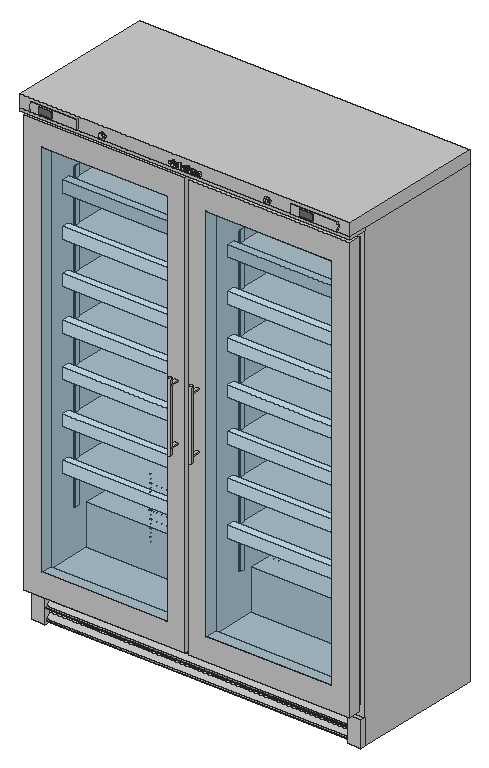
Revit family "QF_INFRICO_EVV200MX_250807093120", category Specialty Equipment, Revit 2021
Family settings
  Round Connector Dimension = Use Diameter
  Part Type = Normal
  OmniClass Number = 23.40.40.14
  OmniClass Title = Food Service Equipment
  Work Plane-Based = No
  Always vertical = Yes
  Cut with Voids When Loaded = No
  Shared = No
  Room Calculation Point = No
Parameters (values of type "EVV200MX")
  Weight [instance] = 259.999 kg
  Warranty Start Date [instance] = ""
  Warranty Duration [instance] = ""
  Volts [instance] = 230 V
  Volt Free Conn [instance] = no
  URL Recommended Spares List [instance] = ""
  URL Manufacturer [instance] = ""
  URL Cutsheet [instance] = ""
  URL Critical Spares List [instance] = ""
  URL = "www.infrico.com"
  Technical Documentation [instance] = ""
  Tag Number [instance] = ""
  Status [instance] = ""
  Start Up Current [instance] = 0 A
  Specification by User [instance] = ""
  Specification by Manufacturer [instance] = ""
  Sound Level [instance] = ""
  Show Logo [instance] = yes
  Show Clearances [instance] = yes
  Service Life Duration [instance] = ""
  Serial Number [instance] = ""
  Seismic Rating [instance] = ""
  SMACNA No [instance] = ""
  Revision Code [instance] = ""
  Revision [instance] = ""
  Production Year [instance] = ""
  Potential Equalisation [instance] = no
  Point Load [instance] = 0
  Phase [instance] = 1
  Other Equipment Approvals [instance] = ""
  Operational Current [instance] = 0 A
  Number of Poles [instance] = 2
  No Load Power Draw [instance] = no
  NAFEM Spec ID Number [instance] = ""
  Model Warning [instance] = ""
  Model = "EVV200MX"
  Min Ckt Ampacity [instance] = 0 A
  Max Overcurrent Protection [instance] = 0 A
  Masterspec [instance] = ""
  Manufacturer = "INFRICO"
  Main switch integrated [instance] = no
  Length Actual [instance] = 1313.942 mm
  Item Number [instance] = ""
  Installed By [instance] = ""
  Installation Date [instance] = ""
  Identify Quantity as Lot [instance] = no
  ID [instance] = ""
  Hygiene Approval [instance] = ""
  Height Actual [instance] = 1917.954 mm
  HP power [instance] = ""
  Furnished By [instance] = ""
  Foodservice Equipment Identifier [instance] = no
  FL Amps [instance] = 0 A
  Electrical Remarks [instance] = ""
  Electric power [instance] = 720 W
  Electric Connection Type [instance] = ""
  Elec Conn RI Height [instance] = 0 mm
  Elec Conn Connection Height [instance] = 0 mm
  ETL Approved [instance] = no
  Description = "WOODEN WINE CELLAR - TWO DOORS - R290"
  Depth Actual [instance] = 595.884 mm
  Default Elevation = 0 mm
  Cycle [instance] = 50 Hz
  Cost = 0
  Connection to energy optimisation system [instance] = yes
  Conn Plug [instance] = ""
  Conn Conduit [instance] = no
  Centralized building control system with digital interface [instance] = ""
  CSI MasterFormat [instance] = ""
  CE Approved [instance] = no
  Barcode [instance] = 0
  Author [instance] = ""
  Asset Identifier [instance] = ""
  Apparent Power [instance] = 720 VA
  Accessory [instance] = no
Reference planes
  plane 1 "Center (Front/Back)": y = 0
  plane 2: z = 0
  plane 3 "Center (Left/Right)": x = 0
Forms (mm)
  Extrusion 1, solid, not visible
    sketch origin (1272.062, -100.005, 320.016) x (1, 0, 0) y (0, 1, 0)
      loop
        line (-2, 2) -> (-2, -2) -> (2, -2) -> (2, 2) -> (-2, 2)
    from -2 to 2
Dimensions and locks
  locked: nested 2 to Extrusion 1 at 2  (x2)
  aligned and locked: level to plane 2
Nested families
  nested 1: "QF_INFRICO_EVV200MX_2920" at (0, 0, 0), type "EVV200MX"
    with Weight 259.999 kg, Warranty Start Date "", Warranty Duration "", URL Cutsheet "", Technical Documentation "", Tag Number "", Status "", Specification by User "", Specification by Manufacturer "", Sound Level "", Solid Fuel Type "", Show Logo yes, Show Clearances yes, Show Clearance yes, Service Life Duration "", Serial Number "", Seismic Rating "", SMACNA No "", Revision Code "", Revision "", Production Year "", Point Load 0, Other Equipment Approvals "", NAFEM Spec ID Number "", Model Warning "", Masterspec "", Length Actual 1313.942 mm, Item Number "", Installed By "", Installation Date "", Identify Quantity as Lot yes, ID "", Hygiene Approval "", Height Actual 1917.954 mm, Furnished By "", Foodservice Equipment Identifier yes, Finish none, ETL Approved yes, Depth Actual 595.884 mm, CSI MasterFormat "", CE Approved no, Barcode "", Author "", Asset Identifier "", Accessory no
  nested 2: "CONN_POINT_ELE_2D___Generic_Annotation" at (1272.062, -100.005, 318.016), type "CONN_POINT_ELE_2D___Generic_Annotation"
    with Onboard connection annotation symbol visibility yes
Connectors
  electrical at (1272.062, -100.005, 318.016), driven by "Apparent Power", driven by "Number of Poles", driven by "Volts"
    settings: on Extrusion 1, index 1, voltage 230 V, apparent load 0 VA, apparent load phase1 720 VA, apparent load phase2 0 VA, apparent load phase3 0 VA, power factor 1, load classification "Other", number of poles 2, system type 31, power factor state 1, is connector primary yes, connector utility no, sub classification motor no, connector description "Electrical connection for EVV200MX"
Definition of nested family "QF_INFRICO_EVV200MX_2920"
  Parameters (values of type "EVV200MX")
    Weight [instance] = 0.00 kg
    Warranty Start Date [instance] = ""
    Warranty Duration [instance] = ""
    URL Cutsheet [instance] = ""
    URL = "www.infrico.com"
    Technical Documentation [instance] = ""
    Tag Number [instance] = ""
    Status [instance] = ""
    Specification by User [instance] = ""
    Specification by Manufacturer [instance] = ""
    Sound Level [instance] = ""
    Solid Fuel Type [instance] = ""
    Show Logo [instance] = yes
    Show Clearances [instance] = yes
    Show Clearance [instance] = yes
    Service Life Duration [instance] = ""
    Serial Number [instance] = ""
    Seismic Rating [instance] = ""
    SMACNA No [instance] = ""
    Revision Code [instance] = ""
    Revision [instance] = ""
    Production Year [instance] = ""
    Point Load [instance] = 0
    Other Equipment Approvals [instance] = ""
    NAFEM Spec ID Number [instance] = ""
    Model Warning [instance] = ""
    Model = "EVV200MX"
    Masterspec [instance] = ""
    Manufacturer = "INFRICO"
    Length Actual [instance] = 0 mm
    Item Number [instance] = ""
    Installed By [instance] = ""
    Installation Date [instance] = ""
    Identify Quantity as Lot [instance] = yes
    ID [instance] = ""
    Hygiene Approval [instance] = ""
    Height Actual [instance] = 0 mm
    Furnished By [instance] = ""
    Foodservice Equipment Identifier [instance] = yes
    Finish [instance] = none
    ETL Approved [instance] = yes
    Description = "WOODEN WINE CELLAR - TWO DOORS - R290"
    Depth Actual [instance] = 0 mm
    Default Elevation = 0 mm
    CSI MasterFormat [instance] = ""
    CE Approved [instance] = yes
    Barcode [instance] = ""
    Author [instance] = ""
    Asset Identifier [instance] = ""
    Assembly Code = "E1090320"
    Accessory [instance] = yes
  Reference planes
    plane 1 "Back": y = 0
    plane 2: z = 0
    plane 3 "Left": x = 0
    plane 4 "Right": x = 1314
    plane 5 "Front": y = -596
    plane 6 "Top": z = 1918
  Forms (mm)
    Extrusion 1, solid, material <- "Finish"
      sketch origin (0, 0, 1868) x (1, 0, 0) y (0, 1, 0)
        loop
          line (0, 0) -> (0, -596) -> (1314, -596) -> (1314, 0) -> (0, 0)
      from 0 to 50
    Extrusion 2, solid, material <- "Finish"
      sketch origin (0, 0, 0) x (0, 1, 0) y (0, 0, 1)
        loop
          line (0, 1868) -> (-520, 1868) -> (-520, 18) -> (0, 18) -> (0, 1868)
      from 0 to 40
    Extrusion 3, solid, material <- "Finish"
      sketch origin (1274, 0, 0) x (0, 1, 0) y (0, 0, 1)
        loop
          line (0, 1868) -> (-520, 1868) -> (-520, 18) -> (0, 18) -> (0, 1868)
      from 0 to 40
    Extrusion 4, solid, material <- "Finish"
      sketch origin (0, 0, 0) x (0, 1, 0) y (0, 0, 1)
        loop
          line (-520, 1868) -> (-596, 1868) -> (-596, 1858) -> (-520, 1858) -> (-520, 1868)
      from 0 to 1314
    Extrusion 5, solid, material <- "Finish"
      sketch origin (0, 0, 0) x (0, 1, 0) y (0, 0, 1)
        loop
          line (0, 1868) -> (-19, 1868) -> (-19, 337) -> (-311, 337) -> (-311, 136) -> (-492, 136) -> (-492, 117) -> (-292, 117) -> (-292, 318) -> (0, 318) -> (0, 1868)
      from 40 to 1274
    Extrusion 6, solid
      sketch origin (0, 0, 0) x (0, 1, 0) y (0, 0, 1)
        loop
          line (-103, 1801) -> (-103, 1651) -> (-83, 1611) -> (-83, 442) -> (-103, 402) -> (-103, 369) -> (-342, 369) -> (-342, 209) -> (-518, 209) -> (-518, 197) -> (-330, 197) -> (-330, 357) -> (-91, 357) -> (-91, 399.167) -> (-71, 439.167) -> (-71, 1613.833) -> (-91, 1653.833) -> (-91, 1813) -> (-518, 1813) -> (-518, 1801) -> (-103, 1801)
      from 40 to 1274
    Extrusion 7, solid, material <- "Finish"
      sketch origin (0, 0, 0) x (0, 1, 0) y (0, 0, 1)
        loop
          line (-520, 18) -> (-520, 118) -> (-540, 118) -> (-540, 18) -> (-520, 18)
      from 0 to 54
    Extrusion 8, solid, material <- "Finish"
      sketch origin (1260, 0, 0) x (0, 1, 0) y (0, 0, 1)
        loop
          line (-520, 18) -> (-520, 118) -> (-540, 118) -> (-540, 18) -> (-520, 18)
      from 0 to 54
    Extrusion 9, solid
      sketch origin (0, 0, 0) x (0, 1, 0) y (0, 0, 1)
        loop
          line (-519.636, 53.127) -> (-534, 36)
          arc (-534, 36) -> (-535.15, 32.35) -> (-533.382, 28.956) r 5
          line (-533.382, 28.956) -> (-528.785, 25.1)
          arc (-528.785, 25.1) -> (-525.135, 23.95) -> (-521.741, 25.718) r 5
          line (-521.741, 25.718) -> (-507.377, 42.845)
          arc (-507.377, 42.845) -> (-506.227, 46.495) -> (-507.995, 49.889) r 5
          line (-507.995, 49.889) -> (-512.592, 53.744)
          arc (-512.592, 53.744) -> (-516.242, 54.894) -> (-519.636, 53.127) r 5
        loop
          line (-519.636, 98.127) -> (-534, 81)
          arc (-534, 81) -> (-535.15, 77.35) -> (-533.382, 73.956) r 5
          line (-533.382, 73.956) -> (-528.785, 70.1)
          arc (-528.785, 70.1) -> (-525.135, 68.95) -> (-521.741, 70.718) r 5
          line (-521.741, 70.718) -> (-507.377, 87.845)
          arc (-507.377, 87.845) -> (-506.227, 91.495) -> (-507.995, 94.889) r 5
          line (-507.995, 94.889) -> (-512.592, 98.744)
          arc (-512.592, 98.744) -> (-516.242, 99.894) -> (-519.636, 98.127) r 5
      from 54 to 1260
    Extrusion 10, solid, material <- "Finish"
      sketch origin (0, -492, 0) x (1, 0, 0) y (0, 0, 1)
        loop
          line (54, 18) -> (54, 118) -> (40, 118) -> (40, 18) -> (54, 18)
      from 0 to 28
    Extrusion 11, solid, material <- "Finish"
      sketch origin (1220, -492, 0) x (1, 0, 0) y (0, 0, 1)
        loop
          line (54, 18) -> (54, 118) -> (40, 118) -> (40, 18) -> (54, 18)
      from 0 to 28
    Extrusion 12, solid, material <- "Finish"
      sketch origin (0, 0, 0) x (0, 1, 0) y (0, 0, 1)
        loop
          line (-520, 118) -> (-492, 118) -> (-492, 138) -> (-500, 138) -> (-500, 158) -> (-520, 158) -> (-520, 118)
      from 40 to 1274
    Extrusion 13, solid, material <- "Finish"
      sketch origin (0, 0, 1986) x (0, 1, 0) y (0, 0, 1)
        loop
          line (-520, -118) -> (-520, -158) -> (-500, -158) -> (-500, -138) -> (-492, -138) -> (-492, -118) -> (-520, -118)
      from 40 to 1274
    Extrusion 14, solid, material <- "Finish"
      sketch origin (664.5, -541, -77) x (1, 0, 0) y (0, 0, 1)
        loop
          line (0, 1918) -> (0, 222) -> (642, 222) -> (642, 1918) -> (0, 1918)
        loop
          line (572, 310) -> (572, 1830) -> (70, 1830) -> (70, 310) -> (572, 310)
      from 0 to 46
    Extrusion 15, solid
      sketch origin (1664.5, 0, 0) x (1, 0, 0) y (0, 0, 1)
        loop
          line (-988, 1829) -> (-988, 157) -> (-370, 157) -> (-370, 1829) -> (-988, 1829)
        loop
          line (-958, 1799) -> (-958, 187) -> (-400, 187) -> (-400, 1799) -> (-958, 1799)
      from 520 to 541
    Extrusion 16, solid
      sketch origin (1664.5, -17.233, 0) x (1, 0, 0) y (0, 0, 1)
        loop
          line (-930, 1753) -> (-930, 233) -> (-428, 233) -> (-428, 1753) -> (-930, 1753)
      from 567.767 to 569.767
    Extrusion 17, solid
      sketch origin (1813.697, -401.952, 528) x (1, 0, 0) y (0, 1, 0)
        loop
          line (-1748.697, 289.952) -> (-1748.697, -49.048) -> (-1221.697, -49.048) -> (-1221.697, 289.952) -> (-1748.697, 289.952)
      from 0 to 25
    Extrusion 18, solid
      sketch origin (1813.697, -401.952, 695) x (1, 0, 0) y (0, 1, 0)
        loop
          line (-1748.697, 289.952) -> (-1748.697, -49.048) -> (-1221.697, -49.048) -> (-1221.697, 289.952) -> (-1748.697, 289.952)
      from 0 to 25
    Extrusion 19, solid
      sketch origin (1813.697, -401.952, 862) x (1, 0, 0) y (0, 1, 0)
        loop
          line (-1748.697, 289.952) -> (-1748.697, -49.048) -> (-1221.697, -49.048) -> (-1221.697, 289.952) -> (-1748.697, 289.952)
      from 0 to 25
    Extrusion 20, solid
      sketch origin (1813.697, -401.952, 1029) x (1, 0, 0) y (0, 1, 0)
        loop
          line (-1748.697, 289.952) -> (-1748.697, -49.048) -> (-1221.697, -49.048) -> (-1221.697, 289.952) -> (-1748.697, 289.952)
      from 0 to 25
    Extrusion 21, solid
      sketch origin (1813.697, -401.952, 1196) x (1, 0, 0) y (0, 1, 0)
        loop
          line (-1748.697, 289.952) -> (-1748.697, -49.048) -> (-1221.697, -49.048) -> (-1221.697, 289.952) -> (-1748.697, 289.952)
      from 0 to 25
    Extrusion 22, solid
      sketch origin (1813.697, -401.952, 1363) x (1, 0, 0) y (0, 1, 0)
        loop
          line (-1748.697, 289.952) -> (-1748.697, -49.048) -> (-1221.697, -49.048) -> (-1221.697, 289.952) -> (-1748.697, 289.952)
      from 0 to 25
    Extrusion 23, solid
      sketch origin (1813.697, -401.952, 1530) x (1, 0, 0) y (0, 1, 0)
        loop
          line (-1748.697, 289.952) -> (-1748.697, -49.048) -> (-1221.697, -49.048) -> (-1221.697, 289.952) -> (-1748.697, 289.952)
      from 0 to 25
    Extrusion 24, solid
      sketch origin (-897.627, -174, 381) x (1, 0, 0) y (0, 1, 0)
        loop
          line (957.627, 0) -> (958.627, 0) -> (958.627, 1) -> (962.627, 3) -> (962.627, 18) -> (958.627, 20) -> (958.627, 21) -> (957.627, 21) -> (957.627, 19.382) -> (961.627, 17.382) -> (961.627, 3.618) -> (957.627, 1.618) -> (957.627, 0)
      from 0 to 1218
    Extrusion 25, solid
      sketch origin (-897.627, -404, 381) x (1, 0, 0) y (0, 1, 0)
        loop
          line (957.627, 0) -> (958.627, 0) -> (958.627, 1) -> (962.627, 3) -> (962.627, 18) -> (958.627, 20) -> (958.627, 21) -> (957.627, 21) -> (957.627, 19.382) -> (961.627, 17.382) -> (961.627, 3.618) -> (957.627, 1.618) -> (957.627, 0)
      from 0 to 1218
    Extrusion 26, solid
      sketch origin (1554.627, -174, 381) x (-1, 0, 0) y (0, -1, 0)
        loop
          line (957.627, 0) -> (957.627, -1.618) -> (961.627, -3.618) -> (961.627, -17.382) -> (957.627, -19.382) -> (957.627, -21) -> (958.627, -21) -> (958.627, -20) -> (962.627, -18) -> (962.627, -3) -> (958.627, -1) -> (958.627, 0) -> (957.627, 0)
      from 0 to 1218
    Extrusion 27, solid
      sketch origin (1554.627, -404, 381) x (-1, 0, 0) y (0, -1, 0)
        loop
          line (957.627, 0) -> (957.627, -1.618) -> (961.627, -3.618) -> (961.627, -17.382) -> (957.627, -19.382) -> (957.627, -21) -> (958.627, -21) -> (958.627, -20) -> (962.627, -18) -> (962.627, -3) -> (958.627, -1) -> (958.627, 0) -> (957.627, 0)
      from 0 to 1218
    Extrusion 28, solid
      sketch origin (20, 49, 691) x (0, 1, 0) y (0, 0, 1)
        loop
          line (-514, -118) -> (-514, -163) -> (-500, -163) -> (-500, -138) -> (-484, -138) -> (-484, -118) -> (-514, -118)
      from 40 to 577
    Extrusion 29, solid
      sketch origin (20, 49, 858) x (0, 1, 0) y (0, 0, 1)
        loop
          line (-514, -118) -> (-514, -163) -> (-500, -163) -> (-500, -138) -> (-484, -138) -> (-484, -118) -> (-514, -118)
      from 40 to 577
    Extrusion 30, solid
      sketch origin (20, 49, 1025) x (0, 1, 0) y (0, 0, 1)
        loop
          line (-514, -118) -> (-514, -163) -> (-500, -163) -> (-500, -138) -> (-484, -138) -> (-484, -118) -> (-514, -118)
      from 40 to 577
    Extrusion 31, solid
      sketch origin (20, 49, 1192) x (0, 1, 0) y (0, 0, 1)
        loop
          line (-514, -118) -> (-514, -163) -> (-500, -163) -> (-500, -138) -> (-484, -138) -> (-484, -118) -> (-514, -118)
      from 40 to 577
    Extrusion 32, solid
      sketch origin (20, 49, 1359) x (0, 1, 0) y (0, 0, 1)
        loop
          line (-514, -118) -> (-514, -163) -> (-500, -163) -> (-500, -138) -> (-484, -138) -> (-484, -118) -> (-514, -118)
      from 40 to 577
    Extrusion 33, solid
      sketch origin (20, 49, 1526) x (0, 1, 0) y (0, 0, 1)
        loop
          line (-514, -118) -> (-514, -163) -> (-500, -163) -> (-500, -138) -> (-484, -138) -> (-484, -118) -> (-514, -118)
      from 40 to 577
    Extrusion 34, solid
      sketch origin (25, 49, 1693) x (0, 1, 0) y (0, 0, 1)
        loop
          line (-514, -118) -> (-514, -163) -> (-500, -163) -> (-500, -138) -> (-484, -138) -> (-484, -118) -> (-514, -118)
      from 40 to 567
    Extrusion 35, solid
      sketch origin (1808.697, 0, 0) x (0, 1, 0) y (0, 0, 1)
        loop
          line (-119, 1221) -> (-119, 1271) -> (-131, 1271) -> (-152, 1221) -> (-119, 1221)
      from -1748.697 to -1211.697
    Extrusion 36, solid
      sketch origin (1808.697, 0, -167) x (0, 1, 0) y (0, 0, 1)
        loop
          line (-119, 1221) -> (-119, 1271) -> (-131, 1271) -> (-152, 1221) -> (-119, 1221)
      from -1748.697 to -1211.697
    Extrusion 37, solid
      sketch origin (657, 1000, 0) x (0, 1, 0) y (0, 0, 1)
        loop
          line (-1518, 1801) -> (-1518, 209) -> (-1342, 209) -> (-1342, 369) -> (-1103, 369) -> (-1103, 402) -> (-1083, 442) -> (-1083, 1611) -> (-1103, 1651) -> (-1103, 1801) -> (-1518, 1801)
      from 597 to 617
    Extrusion 38, solid
      sketch origin (-557, 1000, 0) x (0, 1, 0) y (0, 0, 1)
        loop
          line (-1518, 1801) -> (-1518, 209) -> (-1342, 209) -> (-1342, 369) -> (-1103, 369) -> (-1103, 402) -> (-1083, 442) -> (-1083, 1611) -> (-1103, 1651) -> (-1103, 1801) -> (-1518, 1801)
      from 597 to 617
    Extrusion 39, solid, material <- "Finish"
      sketch origin (0, 0, 0) x (0, 1, 0) y (0, 0, 1)
        loop
          line (0, 18) -> (0, 26) -> (-492, 26) -> (-492, 18) -> (0, 18)
      from 40 to 1274
    Extrusion 40, solid
      sketch origin (-20.5, -6, 26) x (1, 0, 0) y (0, 1, 0)
        loop
          circle (62.5, 0) r 2
        loop
          circle (1292.5, 0) r 2
        loop
          circle (308.5, 0) r 2
        loop
          circle (554.5, 0) r 2
        loop
          circle (800.5, 0) r 2
        loop
          circle (1046.5, 0) r 2
      from 0 to 292
    Extrusion 41, solid
      sketch origin (-20.5, 0, -18) x (0, 1, 0) y (0, 0, 1)
        loop
          circle (-2, 46) r 2
        loop
          circle (-3, 60) r 1
        loop
          circle (-3, 76) r 1
        loop
          circle (-3, 92) r 1
        loop
          circle (-3, 108) r 1
        loop
          circle (-3, 124) r 1
        loop
          circle (-3, 140) r 1
        loop
          circle (-3, 156) r 1
        loop
          circle (-3, 172) r 1
        loop
          circle (-3, 188) r 1
        loop
          circle (-3, 204) r 1
        loop
          circle (-3, 220) r 1
        loop
          circle (-3, 236) r 1
        loop
          circle (-3, 252) r 1
        loop
          circle (-3, 268) r 1
        loop
          circle (-3, 284) r 1
        loop
          circle (-3, 300) r 1
        loop
          circle (-3, 316) r 1
        loop
          circle (-2, 334) r 2
      from 60.5 to 1294.5
    Extrusion 42, solid, visible <- "Show Clearance", detail levels coarse
      sketch origin (657, 0, 0) x (1, 0, 0) y (0, 1, 0)
        loop
          arc (7.5, -587) -> (182.064, -1008.436) -> (603.5, -1183) r 596
          line (603.5, -1183) -> (649.5, -1183) -> (649.5, -587) -> (7.5, -587)
      from 145 to 1841
    Extrusion 43, solid, visible <- "Show Logo"
      sketch origin (-1140.318, -596, 1176.214) x (1, 0, 0) y (0, 0, 1)
        loop
          line (1780.869, 696.53) -> (1780.869, 719.204) -> (1776.243, 719.204) -> (1776.243, 696.53) -> (1780.869, 696.53)
        loop
          line (1786.849, 713.006) -> (1783.353, 713.006) -> (1783.353, 696.53) -> (1787.842, 696.53) -> (1787.842, 707.832)
          arc (1787.842, 707.832) -> (1789.598, 708.741) -> (1791.487, 709.324) r 11.052
          arc (1791.487, 709.324) -> (1792.999, 708.961) -> (1793.668, 707.557) r 1.806
          line (1793.668, 707.557) -> (1793.668, 696.53) -> (1798.191, 696.53) -> (1798.191, 708.689)
          arc (1798.191, 708.689) -> (1796.707, 712.075) -> (1793.211, 713.281) r 4.607
          arc (1793.211, 713.281) -> (1790.352, 712.674) -> (1787.74, 711.361) r 11.435
          line (1787.74, 711.361) -> (1787.671, 712.184)
          arc (1787.671, 712.184) -> (1787.43, 712.765) -> (1786.849, 713.006) r 0.822
        loop
          line (1810.627, 720.102) -> (1809.376, 720.102)
          arc (1809.376, 720.102) -> (1807.122, 719.926) -> (1804.951, 719.297) r 11.103
          arc (1804.951, 719.297) -> (1802.875, 717.616) -> (1802.094, 715.062) r 4.567
          line (1802.094, 715.062) -> (1802.094, 712.909) -> (1799.421, 712.703) -> (1799.421, 709.374) -> (1802.094, 709.374) -> (1802.094, 696.53) -> (1806.618, 696.53) -> (1806.618, 709.374) -> (1810.319, 709.374) -> (1810.319, 712.938) -> (1806.618, 712.938) -> (1806.618, 714.548)
          arc (1806.618, 714.548) -> (1807.026, 715.705) -> (1808.115, 716.271) r 1.67
          line (1808.115, 716.271) -> (1809.77, 716.399)
          arc (1809.77, 716.399) -> (1810.376, 716.65) -> (1810.627, 717.255) r 0.857
          line (1810.627, 717.255) -> (1810.627, 720.102)
        loop
          line (1811.549, 713.006) -> (1811.549, 696.53) -> (1816.038, 696.53) -> (1816.038, 707.352)
          arc (1816.038, 707.352) -> (1817.943, 708.631) -> (1820.147, 709.268) r 7.435
          line (1820.147, 709.268) -> (1821.311, 709.416)
          arc (1821.311, 709.416) -> (1821.713, 709.758) -> (1821.863, 710.265) r 0.928
          line (1821.863, 710.265) -> (1821.863, 712.458)
          arc (1821.863, 712.458) -> (1821.601, 713.061) -> (1820.982, 713.28) r 0.824
          arc (1820.982, 713.28) -> (1818.267, 712.588) -> (1815.969, 710.984) r 7.833
          line (1815.969, 710.984) -> (1815.796, 713.006) -> (1811.549, 713.006)
        loop
          line (1827.565, 696.53) -> (1827.565, 713.006) -> (1823.076, 713.006) -> (1823.076, 696.53) -> (1827.565, 696.53)
        loop
          arc (1829.491, 701.327) -> (1830.637, 698.188) -> (1833.536, 696.525) r 4.873
          arc (1833.536, 696.525) -> (1836.563, 696.266) -> (1839.591, 696.525) r 17.816
          arc (1839.591, 696.525) -> (1842.645, 699.134) -> (1843.575, 703.041) r 6.481
          line (1843.575, 703.041) -> (1839.257, 703.041) -> (1839.257, 701.67)
          arc (1839.257, 701.67) -> (1838.711, 700.452) -> (1837.512, 699.865) r 1.965
          arc (1837.512, 699.865) -> (1836.618, 699.816) -> (1835.723, 699.865) r 8.196
          arc (1835.723, 699.865) -> (1834.487, 700.415) -> (1833.98, 701.67) r 1.806
          line (1833.98, 701.67) -> (1833.98, 707.9)
          arc (1833.98, 707.9) -> (1834.487, 709.155) -> (1835.723, 709.705) r 1.806
          arc (1835.723, 709.705) -> (1836.618, 709.754) -> (1837.512, 709.705) r 8.196
          arc (1837.512, 709.705) -> (1838.711, 709.118) -> (1839.257, 707.9) r 1.965
          line (1839.257, 707.9) -> (1839.257, 706.838) -> (1843.575, 706.838)
          arc (1843.575, 706.838) -> (1842.594, 710.556) -> (1839.591, 712.959) r 6.132
          arc (1839.591, 712.959) -> (1836.563, 713.294) -> (1833.536, 712.959) r 13.851
          arc (1833.536, 712.959) -> (1830.641, 711.349) -> (1829.491, 708.243) r 4.772
          line (1829.491, 708.243) -> (1829.491, 701.327)
        loop
          arc (1844.987, 701.329) -> (1846.063, 698.345) -> (1848.796, 696.734) r 4.676
          arc (1848.796, 696.734) -> (1850.585, 696.455) -> (1852.388, 696.291) r 28.371
          arc (1852.388, 696.291) -> (1854.192, 696.455) -> (1855.981, 696.734) r 28.371
          arc (1855.981, 696.734) -> (1858.714, 698.345) -> (1859.79, 701.329) r 4.676
          line (1859.79, 701.329) -> (1859.79, 708.242)
          arc (1859.79, 708.242) -> (1858.714, 711.226) -> (1855.981, 712.837) r 4.676
          arc (1855.981, 712.837) -> (1854.192, 713.116) -> (1852.388, 713.28) r 28.371
          arc (1852.388, 713.28) -> (1850.585, 713.116) -> (1848.796, 712.837) r 28.371
          arc (1848.796, 712.837) -> (1846.063, 711.226) -> (1844.987, 708.242) r 4.676
          line (1844.987, 708.242) -> (1844.987, 701.329)
        loop
          line (1849.476, 707.866) -> (1849.476, 701.705)
          arc (1849.476, 701.705) -> (1849.914, 700.556) -> (1851.006, 699.991) r 1.725
          arc (1851.006, 699.991) -> (1851.697, 699.918) -> (1852.388, 699.856) r 46.133
          arc (1852.388, 699.856) -> (1853.08, 699.918) -> (1853.771, 699.991) r 46.133
          arc (1853.771, 699.991) -> (1854.863, 700.556) -> (1855.301, 701.705) r 1.725
          line (1855.301, 701.705) -> (1855.301, 707.866)
          arc (1855.301, 707.866) -> (1854.863, 709.015) -> (1853.771, 709.58) r 1.725
          arc (1853.771, 709.58) -> (1853.08, 709.653) -> (1852.388, 709.716) r 46.133
          arc (1852.388, 709.716) -> (1851.697, 709.653) -> (1851.006, 709.58) r 46.133
          arc (1851.006, 709.58) -> (1849.914, 709.015) -> (1849.476, 707.866) r 1.725
        loop
          arc (1762.409, 696.543) -> (1763.482, 696.987) -> (1763.926, 698.059) r 1.516
          line (1763.926, 698.059) -> (1763.926, 703.891) -> (1768.105, 703.891)
          arc (1768.105, 703.891) -> (1768.86, 704.121) -> (1769.288, 704.782) r 1.147
          line (1769.288, 704.782) -> (1769.288, 706.211)
          arc (1769.288, 706.211) -> (1768.857, 707.258) -> (1767.789, 707.634) r 1.385
          line (1767.789, 707.634) -> (1766.59, 707.634) -> (1769.288, 710.332)
          arc (1769.288, 710.332) -> (1769.675, 711.266) -> (1769.288, 712.2) r 1.321
          line (1769.288, 712.2) -> (1768.565, 712.923)
          arc (1768.565, 712.923) -> (1767.61, 713.338) -> (1766.628, 712.991) r 1.422
          line (1766.628, 712.991) -> (1763.923, 710.286) -> (1763.923, 711.479)
          arc (1763.923, 711.479) -> (1763.513, 712.516) -> (1762.505, 712.992) r 1.516
          line (1762.505, 712.992) -> (1761.584, 712.992)
          arc (1761.584, 712.992) -> (1760.581, 712.514) -> (1760.173, 711.479) r 1.516
          line (1760.173, 711.479) -> (1760.173, 706.83) -> (1754.143, 701.336) -> (1754.143, 707.509) -> (1757.709, 711.075)
          arc (1757.709, 711.075) -> (1758.123, 712.073) -> (1757.709, 713.071) r 1.412
          line (1757.709, 713.071) -> (1757.057, 713.723)
          arc (1757.057, 713.723) -> (1756.009, 714.141) -> (1754.985, 713.667) r 1.428
          line (1754.985, 713.667) -> (1754.143, 712.825) -> (1754.143, 717.784)
          arc (1754.143, 717.784) -> (1753.728, 718.787) -> (1752.725, 719.203) r 1.418
          line (1752.725, 719.203) -> (1751.796, 719.203)
          arc (1751.796, 719.203) -> (1750.793, 718.787) -> (1750.378, 717.784) r 1.418
          line (1750.378, 717.784) -> (1750.378, 712.825) -> (1749.536, 713.667)
          arc (1749.536, 713.667) -> (1748.512, 714.141) -> (1747.464, 713.723) r 1.428
          line (1747.464, 713.723) -> (1746.812, 713.071)
          arc (1746.812, 713.071) -> (1746.398, 712.073) -> (1746.812, 711.075) r 1.412
          line (1746.812, 711.075) -> (1750.378, 707.509) -> (1750.378, 701.336) -> (1744.348, 706.83) -> (1744.348, 711.479)
          arc (1744.348, 711.479) -> (1743.94, 712.514) -> (1742.937, 712.992) r 1.516
          line (1742.937, 712.992) -> (1742.016, 712.992)
          arc (1742.016, 712.992) -> (1741.008, 712.516) -> (1740.598, 711.479) r 1.516
          line (1740.598, 711.479) -> (1740.598, 710.286) -> (1737.893, 712.991)
          arc (1737.893, 712.991) -> (1736.911, 713.338) -> (1735.956, 712.923) r 1.422
          line (1735.956, 712.923) -> (1735.233, 712.2)
          arc (1735.233, 712.2) -> (1734.846, 711.266) -> (1735.233, 710.332) r 1.321
          line (1735.233, 710.332) -> (1737.931, 707.634) -> (1736.732, 707.634)
          arc (1736.732, 707.634) -> (1735.664, 707.258) -> (1735.233, 706.211) r 1.385
          line (1735.233, 706.211) -> (1735.233, 704.782)
          arc (1735.233, 704.782) -> (1735.662, 704.121) -> (1736.416, 703.891) r 1.147
          line (1736.416, 703.891) -> (1740.595, 703.891) -> (1740.595, 698.059)
          arc (1740.595, 698.059) -> (1741.04, 696.987) -> (1742.112, 696.543) r 1.516
          line (1742.112, 696.543) -> (1762.409, 696.543)
      from 0 to 2
    Revolve 44, solid
      sketch origin (328.5, 0, -42) x (0, 1, 0) y (0, 0, 1)
        loop
          line (-596, 1913) -> (-596, 1925) -> (-602, 1925) -> (-602, 1916.5) -> (-598.5, 1913) -> (-596, 1913)
        axis (-596, 1925) -> (-602, 1925)
      angle from 0 to 360
    Extrusion 45, solid
      sketch origin (427.5, -596, -11) x (1, 0, 0) y (0, 0, 1)
        loop
          arc (840, 1918) -> (748.5, 1919) -> (657, 1918) r 4186.625
          arc (657, 1918) -> (655.5, 1901) -> (657, 1884) r 97.083
          arc (657, 1884) -> (748.5, 1883) -> (840, 1884) r 4186.625
          arc (840, 1884) -> (841.5, 1901) -> (840, 1918) r 97.083
      from 0 to 6
    Extrusion 46, solid
      sketch origin (657, -600.1, 0) x (1, 0, 0) y (0, 0, 1)
        loop
          arc (461.5, 1902) -> (460.793, 1901.707) -> (460.5, 1901) r 1
          line (460.5, 1901) -> (460.5, 1879)
          arc (460.5, 1879) -> (460.793, 1878.293) -> (461.5, 1878) r 1
          line (461.5, 1878) -> (511.5, 1878)
          arc (511.5, 1878) -> (512.207, 1878.293) -> (512.5, 1879) r 1
          line (512.5, 1879) -> (512.5, 1901)
          arc (512.5, 1901) -> (512.207, 1901.707) -> (511.5, 1902) r 1
          line (511.5, 1902) -> (461.5, 1902)
      from 0 to 2
    Revolve 47, solid
      sketch origin (55, -75, 0) x (0, 1, 0) y (0, 0, 1)
        loop
          line (0, 0) -> (0, 18) -> (-8, 18) -> (-8, 16) -> (-5, 16) -> (-5, 10) -> (-13, 10)
          arc (-13, 10) -> (-14.414, 9.414) -> (-15, 8) r 2
          line (-15, 8) -> (-15, 3) -> (-12, 3) -> (-12, 0) -> (0, 0)
        axis (0, 0) -> (0, 18)
      angle from 0 to 360
    Revolve 48, solid
      sketch origin (55, -470, 0) x (0, 1, 0) y (0, 0, 1)
        loop
          line (0, 0) -> (0, 18) -> (-8, 18) -> (-8, 16) -> (-5, 16) -> (-5, 10) -> (-13, 10)
          arc (-13, 10) -> (-14.414, 9.414) -> (-15, 8) r 2
          line (-15, 8) -> (-15, 3) -> (-12, 3) -> (-12, 0) -> (0, 0)
        axis (0, 0) -> (0, 18)
      angle from 0 to 360
    Revolve 49, solid
      sketch origin (1259, -75, 0) x (0, 1, 0) y (0, 0, 1)
        loop
          line (0, 0) -> (0, 18) -> (-8, 18) -> (-8, 16) -> (-5, 16) -> (-5, 10) -> (-13, 10)
          arc (-13, 10) -> (-14.414, 9.414) -> (-15, 8) r 2
          line (-15, 8) -> (-15, 3) -> (-12, 3) -> (-12, 0) -> (0, 0)
        axis (0, 0) -> (0, 18)
      angle from 0 to 360
    Revolve 50, solid
      sketch origin (1259, -470, 0) x (0, 1, 0) y (0, 0, 1)
        loop
          line (0, 0) -> (0, 18) -> (-8, 18) -> (-8, 16) -> (-5, 16) -> (-5, 10) -> (-13, 10)
          arc (-13, 10) -> (-14.414, 9.414) -> (-15, 8) r 2
          line (-15, 8) -> (-15, 3) -> (-12, 3) -> (-12, 0) -> (0, 0)
        axis (0, 0) -> (0, 18)
      angle from 0 to 360
    Extrusion 51, solid
      sketch origin (699, -25, 856) x (1, 0, 0) y (0, 1, 0)
        loop
          circle (0, -596) r 6
      from 0 to 275
    Extrusion 52, solid
      sketch origin (657, 2, 831) x (1, 0, 0) y (0, 0, 1)
        loop
          circle (42, 275) r 5
      from 587 to 623
    Extrusion 53, solid
      sketch origin (657, 2, 606) x (1, 0, 0) y (0, 0, 1)
        loop
          circle (42, 275) r 5
      from 587 to 623
    Revolve 54, solid
      sketch origin (985.5, 0, -42) x (0, 1, 0) y (0, 0, -1)
        loop
          line (-596, -1913) -> (-598.5, -1913) -> (-602, -1916.5) -> (-602, -1925) -> (-596, -1925) -> (-596, -1913)
        axis (-596, -1925) -> (-602, -1925)
      angle from 0 to 360
    Extrusion 55, solid
      sketch origin (-610.5, -596, -11) x (1, 0, 0) y (0, 0, 1)
        loop
          arc (840, 1918) -> (748.5, 1919) -> (657, 1918) r 4186.625
          arc (657, 1918) -> (655.5, 1901) -> (657, 1884) r 97.083
          arc (657, 1884) -> (748.5, 1883) -> (840, 1884) r 4186.625
          arc (840, 1884) -> (841.5, 1901) -> (840, 1918) r 97.083
      from 0 to 6
    Extrusion 56, solid
      sketch origin (-381, -600.1, 0) x (1, 0, 0) y (0, 0, 1)
        loop
          arc (461.5, 1902) -> (460.793, 1901.707) -> (460.5, 1901) r 1
          line (460.5, 1901) -> (460.5, 1879)
          arc (460.5, 1879) -> (460.793, 1878.293) -> (461.5, 1878) r 1
          line (461.5, 1878) -> (511.5, 1878)
          arc (511.5, 1878) -> (512.207, 1878.293) -> (512.5, 1879) r 1
          line (512.5, 1879) -> (512.5, 1901)
          arc (512.5, 1901) -> (512.207, 1901.707) -> (511.5, 1902) r 1
          line (511.5, 1902) -> (461.5, 1902)
      from 0 to 2
    Extrusion 57, solid, material <- "Finish"
      sketch origin (649.5, -541, -77) x (-1, 0, 0) y (0, 0, -1)
        loop
          line (0, -1918) -> (642, -1918) -> (642, -222) -> (0, -222) -> (0, -1918)
        loop
          line (572, -310) -> (70, -310) -> (70, -1830) -> (572, -1830) -> (572, -310)
      from 0 to 46
    Extrusion 58, solid
      sketch origin (-350.5, 0, 0) x (-1, 0, 0) y (0, 0, -1)
        loop
          line (-988, -1829) -> (-370, -1829) -> (-370, -157) -> (-988, -157) -> (-988, -1829)
        loop
          line (-958, -1799) -> (-400, -1799) -> (-400, -187) -> (-958, -187) -> (-958, -1799)
      from 520 to 541
    Extrusion 59, solid
      sketch origin (-350.5, -17.233, 0) x (-1, 0, 0) y (0, 0, -1)
        loop
          line (-930, -1753) -> (-428, -1753) -> (-428, -233) -> (-930, -233) -> (-930, -1753)
      from 567.767 to 569.767
    Extrusion 60, solid, visible <- "Show Clearance", detail levels coarse
      sketch origin (657, 0, 0) x (-1, 0, 0) y (0, -1, 0)
        loop
          line (7.5, 587) -> (649.5, 587) -> (649.5, 1183) -> (603.5, 1183)
          arc (603.5, 1183) -> (182.064, 1008.436) -> (7.5, 587) r 596
      from 145 to 1841
    Extrusion 61, solid
      sketch origin (615, -25, 856) x (-1, 0, 0) y (0, -1, 0)
        loop
          circle (0, 596) r 6
      from 0 to 275
    Extrusion 62, solid
      sketch origin (657, 2, 831) x (-1, 0, 0) y (0, 0, -1)
        loop
          circle (42, -275) r 5
      from 587 to 623
    Extrusion 63, solid
      sketch origin (657, 2, 606) x (-1, 0, 0) y (0, 0, -1)
        loop
          circle (42, -275) r 5
      from 587 to 623
    Extrusion 64, solid
      sketch origin (39.22, -103, 67.81) x (1, 0, 0) y (0, 0, 1)
        loop
          arc (234.78, 1717.69) -> (231.244, 1716.226) -> (229.78, 1712.69) r 5
          line (229.78, 1712.69) -> (229.78, 1603.69)
          arc (229.78, 1603.69) -> (231.244, 1600.155) -> (234.78, 1598.69) r 5
          line (234.78, 1598.69) -> (343.78, 1598.69)
          arc (343.78, 1598.69) -> (347.315, 1600.155) -> (348.78, 1603.69) r 5
          line (348.78, 1603.69) -> (348.78, 1712.69)
          arc (348.78, 1712.69) -> (347.315, 1716.226) -> (343.78, 1717.69) r 5
          line (343.78, 1717.69) -> (234.78, 1717.69)
      from 0 to 4
    Extrusion 65, solid
      sketch origin (1274.78, -103, 67.81) x (-1, 0, 0) y (0, 0, -1)
        loop
          line (234.78, -1717.69) -> (343.78, -1717.69)
          arc (343.78, -1717.69) -> (347.315, -1716.226) -> (348.78, -1712.69) r 5
          line (348.78, -1712.69) -> (348.78, -1603.69)
          arc (348.78, -1603.69) -> (347.315, -1600.155) -> (343.78, -1598.69) r 5
          line (343.78, -1598.69) -> (234.78, -1598.69)
          arc (234.78, -1598.69) -> (231.244, -1600.155) -> (229.78, -1603.69) r 5
          line (229.78, -1603.69) -> (229.78, -1712.69)
          arc (229.78, -1712.69) -> (231.244, -1716.226) -> (234.78, -1717.69) r 5
      from 0 to 4
    Extrusion 66, solid
      sketch origin (0, 1000, 0) x (0, 1, 0) y (0, 0, 1)
        loop
          line (-1518, 1801) -> (-1518, 209) -> (-1342, 209) -> (-1342, 369) -> (-1103, 369) -> (-1103, 402) -> (-1083, 442) -> (-1083, 1611) -> (-1103, 1651) -> (-1103, 1801) -> (-1518, 1801)
      from 597 to 617
    Extrusion 67, solid
      sketch origin (1314, 1000, 0) x (0, 1, 0) y (0, 0, -1)
        loop
          line (-1518, -1801) -> (-1103, -1801) -> (-1103, -1651) -> (-1083, -1611) -> (-1083, -442) -> (-1103, -402) -> (-1103, -369) -> (-1342, -369) -> (-1342, -209) -> (-1518, -209) -> (-1518, -1801)
      from 597 to 617
    Extrusion 68, solid
      sketch origin (-499.697, -401.952, 528) x (-1, 0, 0) y (0, -1, 0)
        loop
          line (-1748.697, -289.952) -> (-1221.697, -289.952) -> (-1221.697, 49.048) -> (-1748.697, 49.048) -> (-1748.697, -289.952)
      from 0 to 25
    Extrusion 69, solid
      sketch origin (-499.697, -401.952, 695) x (-1, 0, 0) y (0, -1, 0)
        loop
          line (-1748.697, -289.952) -> (-1221.697, -289.952) -> (-1221.697, 49.048) -> (-1748.697, 49.048) -> (-1748.697, -289.952)
      from 0 to 25
    Extrusion 70, solid
      sketch origin (-499.697, -401.952, 862) x (-1, 0, 0) y (0, -1, 0)
        loop
          line (-1748.697, -289.952) -> (-1221.697, -289.952) -> (-1221.697, 49.048) -> (-1748.697, 49.048) -> (-1748.697, -289.952)
      from 0 to 25
    Extrusion 71, solid
      sketch origin (-499.697, -401.952, 1029) x (-1, 0, 0) y (0, -1, 0)
        loop
          line (-1748.697, -289.952) -> (-1221.697, -289.952) -> (-1221.697, 49.048) -> (-1748.697, 49.048) -> (-1748.697, -289.952)
      from 0 to 25
    Extrusion 72, solid
      sketch origin (-499.697, -401.952, 1196) x (-1, 0, 0) y (0, -1, 0)
        loop
          line (-1748.697, -289.952) -> (-1221.697, -289.952) -> (-1221.697, 49.048) -> (-1748.697, 49.048) -> (-1748.697, -289.952)
      from 0 to 25
    Extrusion 73, solid
      sketch origin (-499.697, -401.952, 1363) x (-1, 0, 0) y (0, -1, 0)
        loop
          line (-1748.697, -289.952) -> (-1221.697, -289.952) -> (-1221.697, 49.048) -> (-1748.697, 49.048) -> (-1748.697, -289.952)
      from 0 to 25
    Extrusion 74, solid
      sketch origin (-499.697, -401.952, 1530) x (-1, 0, 0) y (0, -1, 0)
        loop
          line (-1748.697, -289.952) -> (-1221.697, -289.952) -> (-1221.697, 49.048) -> (-1748.697, 49.048) -> (-1748.697, -289.952)
      from 0 to 25
    Extrusion 75, solid
      sketch origin (2211.627, -174, 381) x (-1, 0, 0) y (0, -1, 0)
        loop
          line (957.627, 0) -> (957.627, -1.618) -> (961.627, -3.618) -> (961.627, -17.382) -> (957.627, -19.382) -> (957.627, -21) -> (958.627, -21) -> (958.627, -20) -> (962.627, -18) -> (962.627, -3) -> (958.627, -1) -> (958.627, 0) -> (957.627, 0)
      from 0 to 1218
    Extrusion 76, solid
      sketch origin (2211.627, -404, 381) x (-1, 0, 0) y (0, -1, 0)
        loop
          line (957.627, 0) -> (957.627, -1.618) -> (961.627, -3.618) -> (961.627, -17.382) -> (957.627, -19.382) -> (957.627, -21) -> (958.627, -21) -> (958.627, -20) -> (962.627, -18) -> (962.627, -3) -> (958.627, -1) -> (958.627, 0) -> (957.627, 0)
      from 0 to 1218
    Extrusion 77, solid
      sketch origin (-240.627, -174, 381) x (1, 0, 0) y (0, 1, 0)
        loop
          line (957.627, 0) -> (958.627, 0) -> (958.627, 1) -> (962.627, 3) -> (962.627, 18) -> (958.627, 20) -> (958.627, 21) -> (957.627, 21) -> (957.627, 19.382) -> (961.627, 17.382) -> (961.627, 3.618) -> (957.627, 1.618) -> (957.627, 0)
      from 0 to 1218
    Extrusion 78, solid
      sketch origin (-240.627, -404, 381) x (1, 0, 0) y (0, 1, 0)
        loop
          line (957.627, 0) -> (958.627, 0) -> (958.627, 1) -> (962.627, 3) -> (962.627, 18) -> (958.627, 20) -> (958.627, 21) -> (957.627, 21) -> (957.627, 19.382) -> (961.627, 17.382) -> (961.627, 3.618) -> (957.627, 1.618) -> (957.627, 0)
      from 0 to 1218
    Extrusion 79, solid
      sketch origin (1294, 49, 691) x (0, 1, 0) y (0, 0, -1)
        loop
          line (-514, 118) -> (-484, 118) -> (-484, 138) -> (-500, 138) -> (-500, 163) -> (-514, 163) -> (-514, 118)
      from 40 to 577
    Extrusion 80, solid
      sketch origin (1294, 49, 858) x (0, 1, 0) y (0, 0, -1)
        loop
          line (-514, 118) -> (-484, 118) -> (-484, 138) -> (-500, 138) -> (-500, 163) -> (-514, 163) -> (-514, 118)
      from 40 to 577
    Extrusion 81, solid
      sketch origin (1294, 49, 1025) x (0, 1, 0) y (0, 0, -1)
        loop
          line (-514, 118) -> (-484, 118) -> (-484, 138) -> (-500, 138) -> (-500, 163) -> (-514, 163) -> (-514, 118)
      from 40 to 577
    Extrusion 82, solid
      sketch origin (1294, 49, 1192) x (0, 1, 0) y (0, 0, -1)
        loop
          line (-514, 118) -> (-484, 118) -> (-484, 138) -> (-500, 138) -> (-500, 163) -> (-514, 163) -> (-514, 118)
      from 40 to 577
    Extrusion 83, solid
      sketch origin (1294, 49, 1359) x (0, 1, 0) y (0, 0, -1)
        loop
          line (-514, 118) -> (-484, 118) -> (-484, 138) -> (-500, 138) -> (-500, 163) -> (-514, 163) -> (-514, 118)
      from 40 to 577
    Extrusion 84, solid
      sketch origin (1294, 49, 1526) x (0, 1, 0) y (0, 0, -1)
        loop
          line (-514, 118) -> (-484, 118) -> (-484, 138) -> (-500, 138) -> (-500, 163) -> (-514, 163) -> (-514, 118)
      from 40 to 577
    Extrusion 85, solid
      sketch origin (1289, 49, 1693) x (0, 1, 0) y (0, 0, -1)
        loop
          line (-514, 118) -> (-484, 118) -> (-484, 138) -> (-500, 138) -> (-500, 163) -> (-514, 163) -> (-514, 118)
      from 40 to 567
    Extrusion 86, solid
      sketch origin (-494.697, 0, 0) x (0, 1, 0) y (0, 0, -1)
        loop
          line (-119, -1221) -> (-152, -1221) -> (-131, -1271) -> (-119, -1271) -> (-119, -1221)
      from -1748.697 to -1211.697
    Extrusion 87, solid
      sketch origin (-494.697, 0, -167) x (0, 1, 0) y (0, 0, -1)
        loop
          line (-119, -1221) -> (-152, -1221) -> (-131, -1271) -> (-119, -1271) -> (-119, -1221)
      from -1748.697 to -1211.697
    Extrusion 88, solid, material <- "Finish"
      sketch origin (532, 0, 0) x (0, 1, 0) y (0, 0, 1)
        loop
          line (-520, 1828) -> (-520, 158) -> (-518, 158) -> (-518, 1828) -> (-520, 1828)
      from 105.5 to 144.5
  Cuts and joins
    joined: Extrusion 8, Extrusion 11
    joined: Extrusion 7, Extrusion 10
    joined: Extrusion 2, Extrusion 3, Extrusion 12, Extrusion 13, Extrusion 88
  Lines and regions (mm)
    symbolic lines
      curve 1: line (0, 0, 0) -> (1314, 0, 0)
      curve 2: line (0, -596, 0) -> (0, 0, 0)
      curve 3: line (1314, -596, 0) -> (0, -596, 0)
      curve 4: line (1314, 0, 0) -> (1314, -596, 0)
      curve 11: circle (615, -621, 0) r 6 normal (0, 0, 1)
      curve 12: line (620, -617.683, 0) -> (620, -596, 0)
      curve 13: line (610, -617.683, 0) -> (610, -596, 0)
      curve 14: circle (699, -621, 0) r 6 normal (0, 0, -1)
      curve 15: line (694, -617.683, 0) -> (694, -596, 0)
      curve 16: line (704, -617.683, 0) -> (704, -596, 0)
    symbolic lines, visible <- "Show Clearance"
      curve 5: line (1306.5, -1183, 0) -> (1306.5, -596, 0)
      curve 6: arc (664.568, -596, 0) -> (842.258, -1011.606, 0) -> (1260.5, -1183, 0) r 596
      curve 7: line (1260.5, -1183, 0) -> (1306.5, -1183, 0)
      curve 8: line (7.5, -1183, 0) -> (7.5, -596, 0)
      curve 9: arc (649.432, -596, 0) -> (471.742, -1011.606, 0) -> (53.5, -1183, 0) r 596
      curve 10: line (53.5, -1183, 0) -> (7.5, -1183, 0)
  Dimensions and locks
    plane 1 "Back" to plane 5 "Front" = 596 mm  (x2)
    plane 3 "Left" to plane 4 "Right" = 1314 mm
    plane 6 "Top" to level = 1918 mm  (x2)
    plane 4 "Right" to plane 3 "Left" = 1314 mm
    aligned and locked: level to plane 2
Definition of nested family "CONN_POINT_ELE_2D___Generic_Annotation"
  Parameters (values of type "CONN_POINT_ELE_2D___Generic_Annotation")
    Onboard connection annotation symbol visibility [instance] = yes
  Reference planes
    plane 1: y = 0
    plane 2: x = 0
  Lines and regions (mm)
    detail lines, visible <- "Onboard connection annotation symbol visibility"
      curve 1: circle (0, 0, 0) r 0.5 normal (0, 0, 1)
      curve 2: line (-1, 0, 0) -> (1, 0, 0)
      curve 3: line (0, 1, 0) -> (0, -1, 0)
      curve 4: line (2.5, 1, 0) -> (1.25, 1, 0)
      curve 5: line (1.25, 1, 0) -> (1.25, -1, 0)
      curve 6: line (1.25, -1, 0) -> (2.5, -1, 0)
      curve 7: line (1.25, 0, 0) -> (2, 0, 0)
